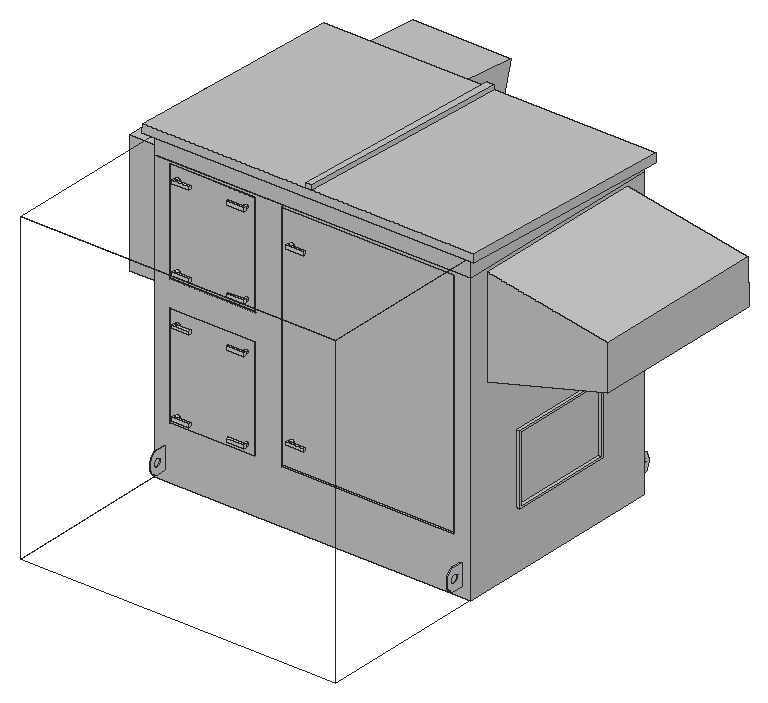
Revit family "DN-2RT-2FP-ERV", category Mechanical Equipment, Revit 2016
Family settings
  Part Type = Normal
  Round Connector Dimension = Use Diameter
  OmniClass Number = 23.75.00.00
  OmniClass Title = Climate Control (HVAC)
  Work Plane-Based = No
  Always vertical = Yes
  Cut with Voids When Loaded = No
  Shared = No
  Room Calculation Point = No
Parameters (values of type "2 @ 1.35 kW ea.")
  Voltage [instance] = "200-277 V"
  Unit Weight Range (lbs) [instance] = "1600-1775 lbs."
  Max. Shipping Weight (lbs) [instance] = "1800-1975 lbs."
  Unit Dimensions (L x W x H) [instance] = "112-1/4\" x 75-1/8\" x 75-1/8\""
  Shipping Dimensions (Lx W x H) [instance] = "100\" x 90\" x 81\""
  Unit [instance] = Renewaire - Galvanized Steel
  URL = "www.renewaire.com"
  Typical Airflow Range = "375-1,650 CFM"
  Standard Features [instance] = "EC Motors for both airstreams, Direct drive backward inclined plenum, Higher ESP of up to 2\" w.g. at 1,500 CFM, Integrated programmable controls, True 100% face and bypass enthalpy based modulating economizer, Class 1 low leakage motorized isolation dampers, 1\" Double wall foam injected 20 gauge galvanized panel construction with R6.5 insulation"
  Service Area Visibility [instance] = yes
  Service Area Box [instance] = Renewaire - Interference
  Revit Object Download Link [instance] = ""
  Phase [instance] = "Single"
  Options [instance] = "Onboard variable frequency drives (VFDs) - both airstreams, Fused disconnect, Spring isolators (VFDs only), 2\" Double wall foam injected 20 gauge galvanized panel construction with R13 insulation, Exterior paint - grey, white, custom color, Salt spray - 2500 hour, BACNET factory activation, GFCI convenience outlet, Recirculation damper, Mist eliminator"
  Number Motors [instance] = "Qty. 2, Direct drive motorized impeller packages"
  Model = "DN-2RT-2FP-ERV"
  Minimum Circuit Amps [instance] = "15.1 A"
  Maximum Overcurrent Protection [instance] = "20 A"
  Manufacturer = "Renewaire LLC"
  Inlets/Outlets [instance] = "OA & RA Inlets: 24\" x 16\", SA Outlet: 24\" x 16\", EA Outlet: 20\" x 16\""
  Frequency [instance] = "50/60 Hz"
  Filters [instance] = "Total qty. 4, MERV 8: 16\" x 20\" x 2\""
  FLA per Motor [instance] = "6.7-4.8"
  Energy Recovery Type [instance] = "Static plate total energy transfer"
  Description = "Energy Recovery Ventilator"
  Accessories [instance] = "Filters - MERV 13, 2\"  and 4\" (shipped loose), MERV 14, 2\" and 4\" (shipped loose), Additional filters available upon request, Roof curb - standard 14\", Hurricane or seismic rated curbs, Curb clip kit, Carbon dioxide sensor/control - wall mount (CO2-W), duct mount (CO2-D), IAQ sensor - wall mount (IAQ-W), duct mount (IAQ-D), Motion occupancy sensor/control - ceiling mount (MC-C), wall mount (MC-W), Smoke detector, Room temperature and humidity sensor, Duct static pressure sensor with display to 10\", without display 0-2\", Room pressure sensor with display to 1\", without display 0-1\", Remote display"
  AHRI 1060 Certified Core [instance] = "One L-62-G5 and one L-125-G5"
Types (7): name | Voltage | Phase | Minimum Circuit Amps | Maximum Overcurrent Protection | FLA per Motor
  (no name) | "200-277 V" | "Single" | "15.1 A" | "20 A" | "6.7-4.8"
  2 @ 1.35 kW ea. | "200-277 V" | "Single" | "15.1 A" | "20 A" | "6.7-4.8"
  2 @ 2.70 kW ea. | "200-240 V" | "Three" | "19.4 A" | "25 A" | "8.6-7.2"
  2 @ 3.70 kW ea. | "380-480 V" | "Three" | "13.5 A" | "15 A" | "6.0-4.6"
  2 @ 3HP ea. 208-230V | "208-230 V" | "Three" | "20.3 A" | "25 A" | "9-8.4/4.2"
  2 @ 3HP ea. 460V | "460V" | "Three" | "9.5 A" | "15 A" | "4.2"
  2 @ 3HP ea. 575V | "575V" | "Three" | "7.4 A" | "15 A" | "3.3"
Reference planes (in)
  plane 1 "Center (Front/Back)": y = 0
  plane 2: z = 0
  plane 3 "Center (Left/Right)": x = 0
  plane 4: y = -25
  plane 5: x = -12.875
Forms (in)
  Extrusion 1, solid, material "Renewaire - Galvanized Steel" <- "Unit"
    sketch origin (0, 0.03854, 0) x (1, 0, 0) y (0, 1, 0)
      loop
        line (-12.875, 24.96146) -> (-12.875, -25.03854) -> (60, -25.03854) -> (60, 24.96146) -> (-12.875, 24.96146)
    from 0 to 66.875
  Extrusion 2, void
    sketch origin (-1.5, 0, 2.5) x (1, 0, 0) y (0, 0, 1)
      loop
        line (-8.08447, 63.824) -> (-8.08447, 39.82399) -> (11.91553, 39.82399) -> (11.91553, 63.824) -> (-8.08447, 63.824)
      loop
        line (-8.08447, 33.824) -> (-8.08447, 9.824) -> (11.91553, 9.824) -> (11.91553, 33.824) -> (-8.08447, 33.824)
      loop
        line (17.8315, 63.824) -> (17.8315, 9.824) -> (57.8315, 9.824) -> (57.8315, 63.824) -> (17.8315, 63.824)
    from 24 to 26
  Extrusion 3, void
    sketch origin (0, 0, 0) x (1, 0, 0) y (0, 1, 0)
      loop
        line (-10.875, 23) -> (-10.875, -23) -> (58, -23) -> (58, 23) -> (-10.875, 23)
    from 0 to 6.84749
  Extrusion 4, void
    sketch origin (0, 0, 0) x (1, 0, 0) y (0, 1, 0)
      loop
        line (-7.32057, 17.62494) -> (-7.32057, -6.37506) -> (8.67944, -6.37506) -> (8.67944, 17.62494) -> (-7.32057, 17.62494)
      loop
        line (36.64381, 11.99993) -> (36.64381, -12.00007) -> (52.64381, -12.00007) -> (52.64381, 11.99993) -> (36.64381, 11.99993)
    from 6 to 7.125
  Extrusion 5, solid, material "Renewaire - Galvanized Steel" <- "Unit"
    sketch origin (0, 0, 2) x (0, 1, 0) y (0, 0, 1)
      loop
        line (18.60019, 30.89209) -> (-5.39982, 30.89209) -> (-5.39982, 14.89209) -> (18.60019, 14.89209) -> (18.60019, 30.89209)
      loop
        line (18.35019, 30.64209) -> (-5.14982, 30.64209) -> (-5.14982, 15.14209) -> (18.35019, 15.14209) -> (18.35019, 30.64209)
    from -12.875 to -13.875
  Extrusion 6, solid, material "Renewaire - Galvanized Steel" <- "Unit"
    sketch origin (0, 0, 2) x (0, 1, 0) y (0, 0, 1)
      loop
        line (-12.00006, 27.784) -> (-12.00006, 11.78399) -> (11.99994, 11.78399) -> (11.99994, 27.784) -> (-12.00006, 27.784)
      loop
        line (-11.75006, 27.534) -> (-11.75006, 12.03399) -> (11.74994, 12.03399) -> (11.74994, 27.534) -> (-11.75006, 27.534)
    from 60 to 61
  Extrusion 7, solid, material "Renewaire - Galvanized Steel" <- "Unit"
    sketch origin (-1.5, 0, 2.5) x (1, 0, 0) y (0, 0, 1)
      loop
        line (18.10032, 63.574) -> (18.10032, 10.324) -> (57.60032, 10.324) -> (57.60032, 63.574) -> (18.10032, 63.574)
      loop
        line (-7.81564, 63.574) -> (-7.81564, 40.07399) -> (11.68435, 40.07399) -> (11.68435, 63.574) -> (-7.81564, 63.574)
      loop
        line (-7.81564, 33.574) -> (-7.81564, 10.074) -> (11.68435, 10.074) -> (11.68435, 33.574) -> (-7.81564, 33.574)
    from 24 to 25
  Extrusion 8, solid, material "Renewaire - Interference" <- "Service Area Box", visible <- "Service Area Visibility"
    sketch origin (0, 0, 0) x (1, 0, 0) y (0, 1, 0)
      loop
        line (-12.875, -25) -> (-12.875, -64) -> (60, -64) -> (60, -25) -> (-12.875, -25)
    from 71 to 0
  Extrusion 9, solid, material "Renewaire - Galvanized Steel" <- "Unit"
    sketch origin (0, 1, 1) x (0, 1, 0) y (0, 0, 1)
      loop
        line (24, 65.37584) -> (24, 47.19321) -> (33.39638, 47.19321) -> (43.03161, 56.49784) -> (44.92004, 63.54557) -> (24, 65.37584)
    from 12.5814 to -9.96261
  Extrusion 10, solid, material "Renewaire - Galvanized Steel" <- "Unit"
    sketch origin (0, 0, 0) x (1, 0, 0) y (0, 0, 1)
      loop
        line (60, 66.14512) -> (60, 43.33282) -> (88.06702, 50.94615) -> (88.06702, 61.19615) -> (60, 66.14512)
    from 20.33014 to -20.26562
  Extrusion 11, solid, material "Renewaire - Galvanized Steel" <- "Unit"
    sketch origin (0, 0, 0) x (0, 1, 0) y (0, 0, 1)
      loop
        line (25, 68.97768) -> (-25, 71.21628) -> (-25, 66.875) -> (25, 66.875) -> (25, 68.97768)
    from 60 to -12.875
  Extrusion 12, solid, material "Renewaire - Galvanized Steel" <- "Unit"
    sketch origin (0, 0, 0) x (0, 1, 0) y (0, 0, 1)
      loop
        line (26.25341, 70.90076) -> (-26.19982, 73.11627) -> (-26.28422, 71.11805) -> (26.16901, 68.90254) -> (26.25341, 70.90076)
    from 61.85788 to -14.875
  Extrusion 13, solid, material "Renewaire - Galvanized Steel" <- "Unit"
    sketch origin (0, 0, 0) x (0, 1, 0) y (0, 0, 1)
      loop
        line (26.25341, 70.90076) -> (26.29557, 71.89898) -> (-26.15766, 74.11449) -> (-26.19982, 73.11627) -> (26.25341, 70.90076)
    from 22.86707 to 24.31637
  Extrusion 14, solid, material "Renewaire - Galvanized Steel" <- "Unit"
    sketch origin (-2, 0.13859, 0) x (0, 1, 0) y (0, 0, 1)
      loop
        line (3.25, 64.375) -> (-19, 64.375) -> (-19, 36.25) -> (3.25, 36.25) -> (3.25, 64.375)
    from -10.875 to -21.625
Cuts and joins
  Extrusion 2, Extrusion 3, Extrusion 4 cuts Extrusion 1
Dimensions and locks (in)
  aligned and locked: level to plane 2
  aligned and locked: Extrusion 8 to Extrusion 11
Nested families (in)
  nested 1: "Lifting Lug" at (-10.67114, -25, 2.03309) x (0, -1, 0) z (0, 0, 1), Material <- "Unit", type "Lifting Lug"
    with Material Renewaire - Galvanized Steel
  nested 2: "Lifting Lug" at (57.96896, -25, 2.03309) x (0, -1, 0) z (0, 0, 1), Material <- "Unit", type "Lifting Lug"
    with Material Renewaire - Galvanized Steel
  nested 3: "Handle" at (8.24525, -25, 63.5), type "Handle"
    with Right Handle no, Left Handle yes, Flip yes
  nested 4: "Handle" at (8.24525, -25, 44.36337), type "Handle"
    with Right Handle no, Left Handle yes, Flip yes
  nested 5: "Handle" at (-7.62654, -25, 63.5) x (-1, 0, 0) z (0, 0, 1), type "Handle"
    with Right Handle no, Left Handle yes, Flip yes
  nested 6: "Handle" at (-7.62654, -25, 44.36337) x (-1, 0, 0) z (0, 0, 1), type "Handle"
    with Right Handle no, Left Handle yes, Flip yes
  nested 7: "Handle" at (8.24525, -25, 33.5), type "Handle"
    with Right Handle no, Left Handle yes, Flip yes
  nested 8: "Handle" at (8.24525, -25, 14.36338), type "Handle"
    with Right Handle no, Left Handle yes, Flip yes
  nested 9: "Handle" at (-7.62654, -25, 33.5) x (-1, 0, 0) z (0, 0, 1), type "Handle"
    with Right Handle no, Left Handle yes, Flip yes
  nested 10: "Handle" at (-7.62654, -25, 14.36338) x (-1, 0, 0) z (0, 0, 1), type "Handle"
    with Right Handle no, Left Handle yes, Flip yes
  nested 11: "Lifting Lug" at (-10.67114, 25, 2.01659) x (0, 1, 0) z (0, 0, 1), Material <- "Unit", type "Lifting Lug"
    with Material Renewaire - Galvanized Steel
  nested 12: "Lifting Lug" at (57.96896, 25, 2.01659) x (0, 1, 0) z (0, 0, 1), Material <- "Unit", type "Lifting Lug"
    with Material Renewaire - Galvanized Steel
  nested 13: "Handle" at (18.76858, -25, 59.2618) x (-1, 0, 0) z (0, 0, 1), type "Handle"
    with Right Handle no, Left Handle yes, Flip yes
  nested 14: "Handle" at (18.76858, -25, 18.5118) x (-1, 0, 0) z (0, 0, 1), type "Handle"
    with Right Handle no, Left Handle yes, Flip yes
Connectors (in)
  hvac at (61, -0.00006, 21.784)
    settings: on Extrusion 6, index 2, duct flow 0 CFM, flow factor 0, pres drop 0.00 in-wg, loss coef 0, conn angle 0.00°, conn width 24", conn height 16", conn diameter 24", duct sys type 2, conn prof type 1, flow config 0, flow direction 1, loss method 0, conn ref index -1, conn util no, is conn primary yes, conn desc "Return Air (RA)"
  hvac at (-13.875, 6.60018, 24.89209)
    settings: on Extrusion 5, index 6, duct flow 0 CFM, flow factor 0, pres drop 0.00 in-wg, loss coef 0, conn angle 0.00°, conn width 24", conn height 16", conn diameter 24", duct sys type 1, conn prof type 1, flow config 0, flow direction 2, loss method 0, conn ref index -1, conn util no, is conn primary no, conn desc "Supply Air (SA)"
  hvac at (0.67944, 5.62494, 7.125)
    settings: on cut or joined group of Extrusion 1, Extrusion 2, Extrusion 3, Extrusion 4, index 7, duct flow 0 CFM, flow factor 0, pres drop 0.00 in-wg, loss coef 0, conn angle 0.00°, conn width 24", conn height 16", conn diameter 24", duct sys type 1, conn prof type 1, flow config 0, flow direction 2, loss method 0, conn ref index -1, conn util no, is conn primary no, conn desc "Supply Air (SA)"
  hvac at (44.64381, -0.00007, 7.125)
    settings: on cut or joined group of Extrusion 1, Extrusion 2, Extrusion 3, Extrusion 4, index 8, duct flow 0 CFM, flow factor 0, pres drop 0.00 in-wg, loss coef 0, conn angle 0.00°, conn width 24", conn height 16", conn diameter 24", duct sys type 2, conn prof type 1, flow config 0, flow direction 1, loss method 0, conn ref index -1, conn util no, is conn primary no, conn desc "Return Air (RA)"
Definition of nested family "Lifting Lug"
  Parameters (values of type "Lifting Lug")
    Material [instance] = none
  Reference planes (in)
    plane 1 "Center (Front/Back)": y = 0
    plane 2: z = 0
    plane 3 "Center (Left/Right)": x = 0
  Forms (in)
    Extrusion 1, solid
      sketch origin (0, 0, 0) x (1, 0, 0) y (0, 0, 1)
        loop
          line (0, 0.1875) -> (2, 0.1875)
          arc (2, 0.1875) -> (3.41421, 0.77329) -> (4, 2.1875) r 2
          line (4, 2.1875) -> (4, 3.1875)
          arc (4, 3.1875) -> (3.41421, 4.60171) -> (2, 5.1875) r 2
          line (2, 5.1875) -> (0, 5.1875) -> (0, 0.1875)
        loop
          circle (2.125, 2.6875) r 1
      from 0 to 0.25
  Dimensions and locks (in)
    aligned and locked: plane 2 to level
Definition of nested family "Handle"
  Parameters (values of type "Handle")
    Right Handle [instance] = not(Flip)  # no
    Material = none
    Left Handle [instance] = Flip  # yes
    Flip [instance] = yes
  Reference planes (in)
    plane 1 "Center (Front/Back)": y = 0
    plane 2: z = 0
    plane 3 "Center (Left/Right)": x = 0
  Forms (in)
    Extrusion 1, solid, material <- "Material"
      sketch origin (0, 0, 0) x (1, 0, 0) y (0, 0, 1)
        loop
          circle (0, 0) r 0.375
      from 0 to 0.75
    Extrusion 2, solid, material <- "Material", visible <- "Right Handle"
      sketch origin (0, 0, 0) x (1, 0, 0) y (0, 1, 0)
        loop
          line (-0.375, -0.75) -> (-0.375, -1.25) -> (3.625, -1.25) -> (3.625, -0.75) -> (-0.375, -0.75)
      from -0.375 to 0.375
    Extrusion 3, solid, material <- "Material", visible <- "Left Handle"
      sketch origin (-3.25, 0, 0) x (1, 0, 0) y (0, 1, 0)
        loop
          line (-0.375, -0.75) -> (-0.375, -1.25) -> (3.625, -1.25) -> (3.625, -0.75) -> (-0.375, -0.75)
      from -0.375 to 0.375
  Dimensions and locks (in)
    aligned and locked: plane 2 to level
